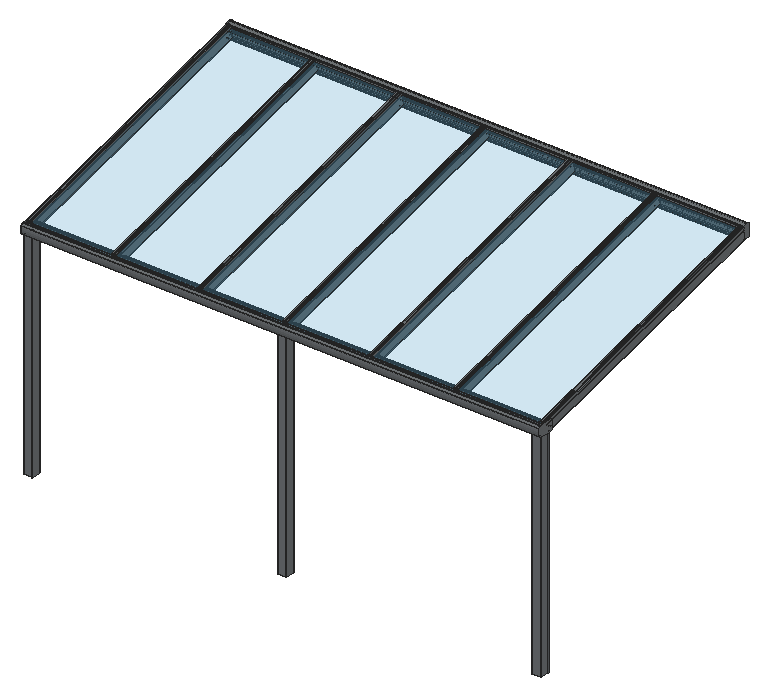
Revit family "Verano_V905_Iseo_GM_R21", category Generic Models, Revit 2021 (continued)
Definition of nested family "Frame"
  Definition of nested family "Middle Rail"
    Parameters (values of type "Middle Rail")
      Profile Length 2 = Profile Length + 67 mm  # 1837 mm
      Profile Length = 1770 mm
      Panel Width = 250 mm
      Panel Material = none
      Frame Material = none
      Default Elevation = 0 mm
    Reference planes
      plane 1 "Center (Front/Back)": y = 0
      plane 2: z = 0
      plane 3 "Center (Left/Right)": x = 0
      plane 4 "Extrusion Start": x = 13
      plane 5: y = -1837
      plane 6: z = 104
      plane 7: z = 88
    Forms (mm)
      Extrusion 1, solid, material <- "Frame Material"
        sketch origin (0, 0, 0) x (1, 0, 0) y (0, 0, 1)
          loop
            line (-26.499, -1) -> (26.499, -1)
            arc (26.499, -1) -> (27.206, -0.707) -> (27.499, 0) r 1
            line (27.499, 0) -> (27.499, 86) -> (18.999, 86) -> (18.999, 80) -> (25.499, 80) -> (25.499, 76) -> (5.249, 76) -> (5.249, 82.5) -> (3.749, 84) -> (3.749, 101) -> (1.499, 101) -> (1.499, 90) -> (-1.501, 90) -> (-1.501, 101) -> (-3.751, 101) -> (-3.751, 84) -> (-5.251, 82.5) -> (-5.251, 76) -> (-25.501, 76) -> (-25.501, 80) -> (-19.001, 80) -> (-19.001, 86) -> (-27.501, 86) -> (-27.501, 0)
            arc (-27.501, 0) -> (-27.207, -0.708) -> (-26.499, -1) r 1
        from 0 to 1770 <- "Profile Length"
      Extrusion 2, solid, material <- "Frame Material"
        sketch origin (0, 0, 0) x (1, 0, 0) y (0, 0, 1)
          loop
            line (27.5, 126.678) -> (-27.5, 126.678) -> (-27.5, 121.432) -> (-19, 121.432) -> (-19, 124.66) -> (-6, 124.66) -> (-6, 109.527)
            arc (-6, 109.527) -> (-5, 108.527) -> (-4, 109.527) r 1
            line (-4, 109.527) -> (-4, 124.66) -> (4, 124.66) -> (4, 109.527)
            arc (4, 109.527) -> (5, 108.527) -> (6, 109.527) r 1
            line (6, 109.527) -> (6, 124.66) -> (19, 124.66) -> (19, 121.432) -> (27.5, 121.432) -> (27.5, 126.678)
        from 0 to 1837 <- "Profile Length 2"
      Extrusion 3, solid, material <- "Panel Material"
        sketch origin (13, 0, 0) x (0, 0, 1) y (0, -1, 0)
          loop
            line (88, 1837) -> (88, 0) -> (104, 0) -> (104, 1837) -> (88, 1837)
        from 0 to 250 <- "Panel Width"
    Dimensions and locks
      locked: plane 4 "Extrusion Start" to plane 3 "Center (Left/Right)" at 13
      "Profile Length 2": plane 5 to plane 1 "Center (Front/Back)"
      aligned and locked: level to plane 2
      aligned and locked: Extrusion 3 sketch curve to plane 5
      aligned and locked: Extrusion 3 sketch curve to plane 6
      aligned and locked: Extrusion 3 sketch curve to plane 7
      aligned and locked: Extrusion 3 sketch curve to plane 1 "Center (Front/Back)"
    Automatic sketch dimensions
      Extrusion 1 sketch curve to plane 3 "Center (Left/Right)" = 27.501 mm
      Extrusion 1 sketch curve to level = 0 mm  (x3)
      Extrusion 1 sketch curve to Extrusion 1 sketch curve = 1 mm  (x3)
      Extrusion 1 sketch curve to Extrusion 1 sketch curve = 0.002 mm
      Extrusion 1 sketch curve to Extrusion 1 sketch curve = 2 mm
      Extrusion 1 sketch curve to Extrusion 1 sketch curve = 6.5 mm  (x4)
      Extrusion 1 sketch curve to plane 3 "Center (Left/Right)" = 5.251 mm
      Extrusion 1 sketch curve to Extrusion 1 sketch curve = 1.5 mm  (x4)
      Extrusion 1 sketch curve to plane 3 "Center (Left/Right)" = 1.501 mm
      plane 3 "Center (Left/Right)" to Extrusion 1 sketch curve = 1.499 mm
      Extrusion 1 sketch curve to Extrusion 1 sketch curve = 2.25 mm
      plane 4 "Extrusion Start" to Extrusion 1 sketch curve = 5.999 mm
      level to Extrusion 1 sketch curve = 0 mm
      plane 4 "Extrusion Start" to Extrusion 1 sketch curve = 13.499 mm
      level to Extrusion 1 sketch curve = 76 mm
      Extrusion 1 sketch curve to Extrusion 1 sketch curve = 0 mm  (x3)
      Extrusion 1 sketch curve to Extrusion 1 sketch curve = 4 mm  (x2)
      Extrusion 1 sketch curve to Extrusion 1 sketch curve = 6 mm  (x3)
      Extrusion 1 sketch curve to Extrusion 1 sketch curve = 11 mm
      Extrusion 2 sketch curve to plane 3 "Center (Left/Right)" = 27.5 mm
      Extrusion 2 sketch curve to Extrusion 2 sketch curve = 8.5 mm  (x2)
      Extrusion 2 sketch curve to plane 3 "Center (Left/Right)" = 6 mm
      Extrusion 2 sketch curve to Extrusion 2 sketch curve = 1 mm  (x2)
      plane 3 "Center (Left/Right)" to Extrusion 2 sketch curve = 4 mm
      plane 4 "Extrusion Start" to Extrusion 2 sketch curve = 6 mm
      level to Extrusion 2 sketch curve = 109.527 mm
      Extrusion 2 sketch curve to Extrusion 2 sketch curve = 0 mm  (x3)
      Extrusion 2 sketch curve to Extrusion 2 sketch curve = 11.905 mm  (x2)
      Extrusion 2 sketch curve to Extrusion 2 sketch curve = 3.228 mm
      Extrusion 2 sketch curve to Extrusion 2 sketch curve = 5.246 mm
  Definition of nested family "Left Rail"
    Parameters (values of type "Left Rail")
      Profile Length 2 = Profile Length + 67 mm  # 1837 mm
      Profile Length = 1770 mm
      Panel Width = 250 mm
      Panel Material = none
      Frame Material = none
      Default Elevation = 0 mm
    Reference planes
      plane 1 "Center (Front/Back)": y = 0
      plane 2: z = 0
      plane 3 "Center (Left/Right)": x = 0
      plane 4 "Extrusion Start": x = 13
      plane 5: y = -1837
      plane 6: z = 104
      plane 7: z = 88
    Forms (mm)
      Extrusion 1, solid, material <- "Frame Material"
        sketch origin (0, 0, 0) x (1, 0, 0) y (0, 0, 1)
          loop
            line (-26.499, -1) -> (26.499, -1)
            arc (26.499, -1) -> (27.206, -0.707) -> (27.499, 0) r 1
            line (27.499, 0) -> (27.499, 86) -> (18.999, 86) -> (18.999, 80) -> (25.499, 80) -> (25.499, 76) -> (5.249, 76) -> (5.249, 82.5) -> (3.749, 84) -> (3.749, 101) -> (1.499, 101) -> (1.499, 90) -> (-1.501, 90) -> (-1.501, 101) -> (-3.751, 101) -> (-3.751, 84) -> (-5.251, 82.5) -> (-5.251, 76) -> (-25.501, 76) -> (-25.501, 80) -> (-19.001, 80) -> (-19.001, 86) -> (-27.501, 86) -> (-27.501, 0)
            arc (-27.501, 0) -> (-27.207, -0.708) -> (-26.499, -1) r 1
        from 0 to 1770 <- "Profile Length"
      Extrusion 2, solid, material <- "Frame Material"
        sketch origin (0, 0, 0) x (1, 0, 0) y (0, 0, 1)
          loop
            line (27.5, 126.678) -> (-30, 126.678) -> (-30, 87.679)
            arc (-30, 87.679) -> (-29.001, 86.678) -> (-28, 87.677) r 1
            line (-28, 87.677) -> (-28, 124.66) -> (-6, 124.66) -> (-6, 109.527)
            arc (-6, 109.527) -> (-5, 108.527) -> (-4, 109.527) r 1
            line (-4, 109.527) -> (-4, 124.66) -> (4, 124.66) -> (4, 109.527)
            arc (4, 109.527) -> (5, 108.527) -> (6, 109.527) r 1
            line (6, 109.527) -> (6, 124.66) -> (19, 124.66) -> (19, 121.432) -> (27.5, 121.432) -> (27.5, 126.678)
        from 0 to 1837 <- "Profile Length 2"
      Extrusion 3, solid, material <- "Panel Material"
        sketch origin (13, 0, 0) x (0, 0, 1) y (0, -1, 0)
          loop
            line (88, 1837) -> (88, 0) -> (104, 0) -> (104, 1837) -> (88, 1837)
        from 0 to 250 <- "Panel Width"
    Dimensions and locks
      locked: plane 4 "Extrusion Start" to plane 3 "Center (Left/Right)" at 13
      "Profile Length 2": plane 5 to plane 1 "Center (Front/Back)"
      aligned and locked: level to plane 2
      aligned and locked: Extrusion 3 sketch curve to plane 5
      aligned and locked: Extrusion 3 sketch curve to plane 6
      aligned and locked: Extrusion 3 sketch curve to plane 7
      aligned and locked: Extrusion 3 sketch curve to plane 1 "Center (Front/Back)"
    Automatic sketch dimensions
      Extrusion 1 sketch curve to plane 3 "Center (Left/Right)" = 27.501 mm
      Extrusion 1 sketch curve to level = 0 mm  (x3)
      Extrusion 1 sketch curve to Extrusion 1 sketch curve = 1 mm  (x3)
      Extrusion 1 sketch curve to Extrusion 1 sketch curve = 0.002 mm
      Extrusion 1 sketch curve to Extrusion 1 sketch curve = 2 mm
      Extrusion 1 sketch curve to Extrusion 1 sketch curve = 6.5 mm  (x4)
      Extrusion 1 sketch curve to plane 3 "Center (Left/Right)" = 5.251 mm
      Extrusion 1 sketch curve to Extrusion 1 sketch curve = 1.5 mm  (x4)
      Extrusion 1 sketch curve to plane 3 "Center (Left/Right)" = 1.501 mm
      plane 3 "Center (Left/Right)" to Extrusion 1 sketch curve = 1.499 mm
      Extrusion 1 sketch curve to Extrusion 1 sketch curve = 2.25 mm
      plane 4 "Extrusion Start" to Extrusion 1 sketch curve = 5.999 mm
      level to Extrusion 1 sketch curve = 0 mm
      plane 4 "Extrusion Start" to Extrusion 1 sketch curve = 13.499 mm
      level to Extrusion 1 sketch curve = 76 mm
      Extrusion 1 sketch curve to Extrusion 1 sketch curve = 0 mm  (x3)
      Extrusion 1 sketch curve to Extrusion 1 sketch curve = 4 mm  (x2)
      Extrusion 1 sketch curve to Extrusion 1 sketch curve = 6 mm  (x3)
      Extrusion 1 sketch curve to Extrusion 1 sketch curve = 11 mm
      Extrusion 2 sketch curve to plane 3 "Center (Left/Right)" = 6 mm
      Extrusion 2 sketch curve to Extrusion 2 sketch curve = 1 mm  (x3)
      plane 3 "Center (Left/Right)" to Extrusion 2 sketch curve = 4 mm
      plane 4 "Extrusion Start" to Extrusion 2 sketch curve = 6 mm
      Extrusion 2 sketch curve to Extrusion 2 sketch curve = 8.5 mm
      level to Extrusion 2 sketch curve = 109.527 mm
      Extrusion 2 sketch curve to Extrusion 2 sketch curve = 0 mm  (x3)
      Extrusion 2 sketch curve to Extrusion 2 sketch curve = 11.905 mm
      Extrusion 2 sketch curve to Extrusion 2 sketch curve = 5.246 mm
      Extrusion 2 sketch curve to Extrusion 2 sketch curve = 2.018 mm
      Extrusion 2 sketch curve to Extrusion 2 sketch curve = 22 mm
      Extrusion 2 sketch curve to plane 7 = 0.322 mm
      Extrusion 2 sketch curve to Extrusion 2 sketch curve = 2 mm
      Extrusion 2 sketch curve to plane 7 = 0.323 mm
  Definition of nested family "Right Rail"
    Parameters (values of type "Right Rail")
      Profile Length 2 = Profile Length + 67 mm  # 1837 mm
      Profile Length = 1770 mm
      Panel Width = 250 mm
      Panel Material = none
      Frame Material = none
      Default Elevation = 0 mm
    Reference planes
      plane 1 "Center (Front/Back)": y = 0
      plane 2: z = 0
      plane 3 "Center (Left/Right)": x = 0
      plane 4: y = -1837
    Forms (mm)
      Extrusion 1, solid, material <- "Frame Material"
        sketch origin (0, 0, 0) x (1, 0, 0) y (0, 0, 1)
          loop
            line (-26.499, -1) -> (26.499, -1)
            arc (26.499, -1) -> (27.206, -0.707) -> (27.499, 0) r 1
            line (27.499, 0) -> (27.499, 86) -> (18.999, 86) -> (18.999, 80) -> (25.499, 80) -> (25.499, 76) -> (5.249, 76) -> (5.249, 82.5) -> (3.749, 84) -> (3.749, 101) -> (1.499, 101) -> (1.499, 90) -> (-1.501, 90) -> (-1.501, 101) -> (-3.751, 101) -> (-3.751, 84) -> (-5.251, 82.5) -> (-5.251, 76) -> (-25.501, 76) -> (-25.501, 80) -> (-19.001, 80) -> (-19.001, 86) -> (-27.501, 86) -> (-27.501, 0)
            arc (-27.501, 0) -> (-27.207, -0.708) -> (-26.499, -1) r 1
        from 0 to 1770 <- "Profile Length"
      Extrusion 2, solid, material <- "Frame Material"
        sketch origin (0, 0, 0) x (-1, 0, 0) y (0, 0, -1)
          loop
            line (27.5, -126.678) -> (27.5, -121.432) -> (19, -121.432) -> (19, -124.66) -> (6, -124.66) -> (6, -109.527)
            arc (6, -109.527) -> (5, -108.527) -> (4, -109.527) r 1
            line (4, -109.527) -> (4, -124.66) -> (-4, -124.66) -> (-4, -109.527)
            arc (-4, -109.527) -> (-5, -108.527) -> (-6, -109.527) r 1
            line (-6, -109.527) -> (-6, -124.66) -> (-28, -124.66) -> (-28, -87.677)
            arc (-28, -87.677) -> (-29.001, -86.678) -> (-30, -87.679) r 1
            line (-30, -87.679) -> (-30, -126.678) -> (27.5, -126.678)
        from 0 to 1837 <- "Profile Length 2"
    Dimensions and locks
      "Profile Length 2": plane 4 to plane 1 "Center (Front/Back)"
      aligned and locked: level to plane 2
      aligned and locked: plane 4 to Extrusion 2
    Automatic sketch dimensions
      Extrusion 1 sketch curve to plane 3 "Center (Left/Right)" = 27.501 mm
      Extrusion 1 sketch curve to level = 0 mm  (x3)
      Extrusion 1 sketch curve to Extrusion 1 sketch curve = 1 mm  (x3)
      Extrusion 1 sketch curve to Extrusion 1 sketch curve = 0.002 mm
      Extrusion 1 sketch curve to Extrusion 1 sketch curve = 2 mm
      Extrusion 1 sketch curve to Extrusion 1 sketch curve = 6.5 mm  (x4)
      Extrusion 1 sketch curve to plane 3 "Center (Left/Right)" = 5.251 mm
      Extrusion 1 sketch curve to Extrusion 1 sketch curve = 1.5 mm  (x4)
      Extrusion 1 sketch curve to plane 3 "Center (Left/Right)" = 1.501 mm
      plane 3 "Center (Left/Right)" to Extrusion 1 sketch curve = 1.499 mm
      Extrusion 1 sketch curve to Extrusion 1 sketch curve = 2.25 mm
      Extrusion 1 sketch curve to Extrusion 1 sketch curve = 13.75 mm
      level to Extrusion 1 sketch curve = 0 mm
      plane 3 "Center (Left/Right)" to Extrusion 1 sketch curve = 26.499 mm
      level to Extrusion 1 sketch curve = 76 mm
      Extrusion 1 sketch curve to Extrusion 1 sketch curve = 0 mm  (x3)
      Extrusion 1 sketch curve to Extrusion 1 sketch curve = 4 mm  (x2)
      Extrusion 1 sketch curve to Extrusion 1 sketch curve = 6 mm  (x3)
      Extrusion 1 sketch curve to Extrusion 1 sketch curve = 11 mm
      plane 3 "Center (Left/Right)" to Extrusion 2 sketch curve = 30 mm
      Extrusion 2 sketch curve to Extrusion 2 sketch curve = 1 mm  (x4)
      plane 3 "Center (Left/Right)" to Extrusion 2 sketch curve = 6 mm
      Extrusion 2 sketch curve to plane 3 "Center (Left/Right)" = 4 mm
      Extrusion 2 sketch curve to Extrusion 2 sketch curve = 13 mm
      Extrusion 2 sketch curve to Extrusion 2 sketch curve = 8.5 mm
      level to Extrusion 2 sketch curve = 126.678 mm
      Extrusion 2 sketch curve to Extrusion 2 sketch curve = 2.018 mm
      Extrusion 2 sketch curve to Extrusion 2 sketch curve = 0 mm  (x3)
      Extrusion 2 sketch curve to Extrusion 2 sketch curve = 3.228 mm
      Extrusion 2 sketch curve to Extrusion 2 sketch curve = 15.133 mm
      Extrusion 2 sketch curve to Extrusion 2 sketch curve = 21.848 mm
      Extrusion 2 sketch curve to Extrusion 2 sketch curve = 0.001 mm
Types (2, lengths in mm): name | Standard Profile | Classic Profile
  T2 - Classic Profile | no | yes
  T1 - Standard Profile | yes | no
